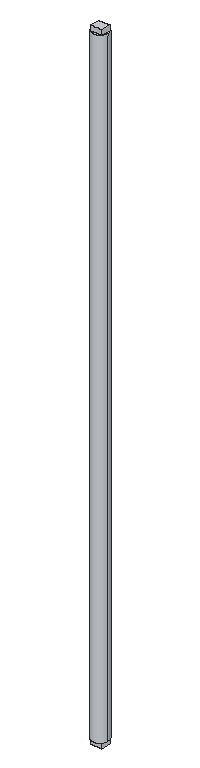
Revit family "桥面梁（外）", category 常规模型, Revit 2022
Family settings
  可将钢筋附着到主体 = 否
  圆形连接件大小 = 使用直径
  零件类型 = 标准
  基于工作平面 = 否
  总是垂直 = 是
  加载时剪切的空心 = 否
  保持注释方向 = 否
  共享 = 否
  房间计算点 = 否
Parameters
  默认高程 = 0 mm
  接将军柱深度 = 100 mm
  r = 150 mm
  alpha = 90.00°
  L = 12000 mm
  032 = 0 mm
  031 = 0.3 * r  # 45 mm
  030 = 0.00°
  029 = 90.00°
  028 = 90.00°
  027 = 90.00°
  026 = 1.7 * r  # 255 mm
  025 = 100 mm
  023 = 90.00°
  022 = alpha  # 90.00°
  021 = 90.00°
  020 = 90.00°
  019 = r * 0.3  # 45 mm
  018 = r * 1.4  # 210 mm
  017 = L + 100 mm  # 12100 mm
  016 = -r * 0.6  # -90 mm
  015 = r * 0.6  # 90 mm
  014 = r + r  # 300 mm
  013 = -2 * r  # -300 mm
  012 = alpha  # 90.00°
  011 = 0 mm
  010 = 0 mm
  009 = L  # 12000 mm
  008 = r  # 150 mm
  007 = 90.00°
  006 = 90.00°
  005 = 90.00°
  004 = alpha  # 90.00°
  002 = 90.00°
  001 = 90.00°
  000 = 90.00°
Reference planes
  plane 1 "中心(前/后)": y = 0
  plane 2: z = 0
  plane 3 "中心(左/右)": x = 0
Forms (mm)
  Revolve 1, solid
    sketch origin (0, 0, 0) x (1, 0, 0) y (0, 0, 1)
      loop
        line (2104.299, 13313.956) -> (2104.299, 1313.956) -> (2254.299, 1313.956) -> (2254.299, 13313.956) -> (2104.299, 13313.956)
      axis (2254.299, 13313.956) -> (2254.299, 1313.956)
    angle from 0 to 360
  Extrusion 2, solid
    sketch origin (0, 0, 0) x (1, 0, 0) y (0, 0, 1)
      loop
        line (2149.299, 13313.956) -> (2359.299, 13313.956) -> (2359.299, 13413.956) -> (2149.299, 13413.956) -> (2149.299, 13313.956)
    from -90 <- "016" to 90 <- "015"
  Extrusion 3, solid
    sketch origin (0, 0, 0) x (1, 0, 0) y (0, 0, 1)
      loop
        line (2149.299, 1313.956) -> (2149.299, 1213.956) -> (2359.299, 1213.956) -> (2359.299, 1313.956) -> (2149.299, 1313.956)
    from -90 <- "016" to 90 <- "015"
Lines and regions (mm)
  reference lines
    curve 1: line (2254.299, 0, 1313.956) -> (4754.299, 0, 1313.956)
    curve 2: line (2254.299, 0, 1313.956) -> (2104.299, 0, 1313.956)
    curve 3: line (2254.299, 0, 13313.956) -> (2254.299, 0, 1313.956)
    curve 4: line (2104.299, 0, 13313.956) -> (2254.299, 0, 13313.956)
    curve 5: line (2104.299, 0, 1313.956) -> (2104.299, 0, 13313.956)
Dimensions and locks
  "r": curve 5 to curve 3
  "L": curve 4 to curve 2
  "008": Revolve 1 sketch curve to Revolve 1 sketch curve
  "009": Revolve 1 sketch curve to Revolve 1 sketch curve
  "010": Revolve 1 sketch curve to curve 5
  "011": curve 2 to Revolve 1 sketch curve
  "017": Extrusion 2 sketch curve to curve 2
  "018": Extrusion 2 sketch curve to Extrusion 2 sketch curve
  "019": curve 5 to Extrusion 2 sketch curve
  "025": Extrusion 2 sketch curve to Extrusion 2 sketch curve
  "018": Extrusion 3 sketch curve to Extrusion 3 sketch curve
  "031": Extrusion 3 sketch curve to curve 5
  "032": Extrusion 3 sketch curve to Revolve 1
  "接将军柱深度": Extrusion 3 sketch curve to Extrusion 3 sketch curve
  "alpha": angle curve 1 to curve 3
  "000": angle curve 3 to curve 2
  "002": angle curve 2 to curve 5
  "001": angle curve 4 to curve 3
  "004": angle curve 1 to Revolve 1 sketch curve
  "005": angle Revolve 1 sketch curve to Revolve 1 sketch curve
  "006": angle Revolve 1 sketch curve to Revolve 1 sketch curve
  "007": angle Revolve 1 sketch curve to Revolve 1 sketch curve
  "012": angle curve 1 to Revolve 1 sketch curve
  "022": angle curve 1 to Extrusion 2 sketch curve
  "021": angle Extrusion 2 sketch curve to Extrusion 2 sketch curve
  "020": angle Extrusion 2 sketch curve to Extrusion 2 sketch curve
  "023": angle Extrusion 2 sketch curve to Extrusion 2 sketch curve
  "027": angle Extrusion 3 sketch curve to Extrusion 3 sketch curve
  "029": angle Extrusion 3 sketch curve to Extrusion 3 sketch curve
  "028": angle Extrusion 3 sketch curve to Extrusion 3 sketch curve
  "030": angle Revolve 1 to Extrusion 3 sketch curve
  aligned and locked: level to plane 2
  aligned and locked: curve 3 to Revolve 1 sketch curve
Automatic sketch dimensions
  plane 3 "中心(左/右)" to curve 5 = 2104.299 mm
  level to curve 1 = 1313.956 mm
  level to Revolve 1 sketch curve = 313.956 mm
